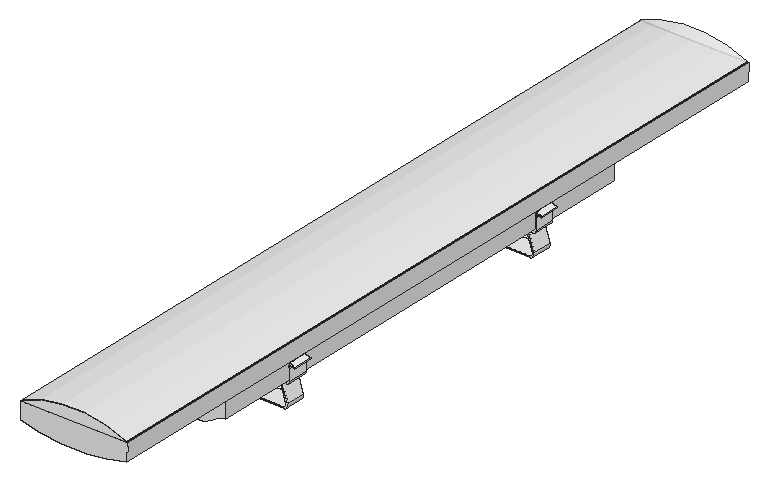
Revit family "Lighting-Industriale-GEWISS-SMART[3]PLUS-PLAFONIERA-LED_OPALE_800mm", category Apparecchi per illuminazione, host Superficie, Revit 2019
Family settings
  Host = Superficie
  Quota connettore circolare = Usa diametro
  Tipo di parte = Normale
  Taglio con vuoti quando caricato = No
  Sorgente d'illuminazione = Sì
  Condiviso = No
  Punto di calcolo locali = No
Parameters (values of type "GWS3123AP957 - SMART3 PLUS 800 T.W.DALI HE OPAL 9 57")
  visibilita etichetta [instance] = yes
  Wattage = 27 W
  Versione file RFA = "20.0"
  Variazione temperatura colore lampada con luminosità attenuata = (empty or 0)
  URL = "https://www.gewiss.com/it/it"
  Tipologia sorgente luminosa = "LED - Non sostituibile"
  Tipologia = "DALI"
  Tipo alimentatore = ""
  Tensione = "220-240 V "
  Temperatura di utilizzo = "-25 +50 °C"
  Temperatura di funzionamento = "-25 +50 °C"
  Temperatura di colore: = "5700 K (CRI > 90)"
  Temperatura di colore = "5700 K (CRI > 90)"
  built-in parameter 1150107 = 5700 (stored number, unit not read)
  Struttura = GEWISS - SMART 3 - GRIGIO
  Stampa 1_200 = no
  Stampa 1_100 = not(Stampa 1_200)  # yes
  Schermo. = Gewiss - Led Acceso
  Schermo = "Opale"
  Scheda Tecnica = "https://www.gewiss.com/it/it/search?q=GWS3123AP957"
  SEO = "Plafoniera"
  Resistenza agli urti = "IK08"
  Default Elevation = 1219.2 mm
  Produttore = "GEWISS S.p.A."
  Potenza di sistema = "26 W"
  Peso (kg): = ""
  built-in parameter 1150110 = 1 (stored number, unit not read)
  built-in parameter 1150109 = 1 (stored number, unit not read)
  built-in parameter 1114218 = 1 (stored number, unit not read)
  built-in parameter 1150112 = 1 (stored number, unit not read)
  NÂ° LED (#) = ""
  Modello = "GWS3123AP957"
  built-in parameter 1150137 = (empty or 0)
  built-in parameter 1150132 = (empty or 0)
  Lunghezza Lampada = 800 mm  # constant formula
  Lunghezza = "800 mm"
  Lumen output (lm) = "2700"
  Lampada: = "LED"
  Lampada = "LED"
  LED LifeTime (L80B20) = ""
  LED Life time (L90B50) = ""
  LED Life time (L80B50) = ""
  LED Life time (L70) = ""
  built-in parameter 1150105 = 1406.7 (stored number, unit not read)
  built-in parameter 1150102 = (empty or 0)
  Type Image = GWS3118P.jpg
  built-in parameter 1150106 = 14.067 (stored number, unit not read)
  IFC.TypeObject = ""
  IFC.ExportType = ""
  IFC.ExportAs = ""
  IDT = "19b5daac-664e-44b9-8ac3-cb33faf625fb"
  IDF = "8047064a-7320-478f-ab33-f9612cf1fa24"
  Grado di protezione = "IP66/IP69"
  Glow Wire Test = "850°C"
  Garanzia = "5 anni"
  Ganci = GEWISS  - ALLUMINIO
  Flusso nominale (lm) = ""
  Lumens = 4010.63 lm
  Color Filter = 16777215
  File diagramma fotometrico = "GWS3123AP957.IES"
  built-in parameter 1114217 = 1 (stored number, unit not read)
  built-in parameter 1150139 = (empty or 0)
  Failure rate apparecchio (50.000h, Tq=25Â° C) = ""
  Failure rate apparecchio (35.000h, Tq=35Â° C) = ""
  Emetti da lunghezza linea = 700 mm
  built-in parameter 1150104 = 13.8 (stored number, unit not read)
  Spostamento_Y_effettivo_etichetta [instance] = 1500 mm - Spostamento_Y_etichetta  # 1500 mm
  Spostamento_X_effettivo_etichetta [instance] = 1500 mm - Spostamento_X_etichetta  # 1500 mm
  Spostamento_Y_etichetta [instance] = 0 mm
  Spostamento_X_etichetta [instance] = 0 mm
  built-in parameter 1150115 = 1 (stored number, unit not read)
  built-in parameter 1150114 = 1 (stored number, unit not read)
  built-in parameter 1150113 = 1 (stored number, unit not read)
  Descrizione = "SMART3 PLUS 800 T.W.DALI HE OPAL 9 57"
  Creato da GEWISS S.p.A. = ""
  Commenti sul wattaggio = "27W"
  built-in parameter 1150134 = (empty or 0)
  built-in parameter 1150138 = (empty or 0)
  Codice Electrocod = "2434"
  Codice EAN = ""
  Classe isolamento = "II"
  Classe di efficienza LED integrati = "A ÷ A++"
  Catalogo Serie = "SMART[3] PLUS"
  Catalogo = "LIGHTING"
  Carico apparente = 27 VA
  COBie.Tagnumber = ""
  COBie.CreatedOn = ""
  COBie.CreatebBy = ""
  COBie.ComponentRegisterItemID = ""
  COBie.Component.TagNumber = ""
  COBie.Component.Space = ""
  COBie.Component.SerialNumber = ""
  COBie.Component.InstallationDate = ""
  COBie.Component.Description = ""
  COBie.Component.BarCode = ""
  Applicazione = "Interno"
  Apparecchio a ridotta temperatura superficiale = ""
  Tilt Angle = -90.00°
  built-in parameter 1150133 = 10 (stored number, unit not read)
Types (24, lengths in mm): name | Wattage | Tipologia | Temperatura di colore: | Temperatura di colore | built-in parameter 1150107 | Scheda Tecnica | Potenza di sistema | Modello | built-in parameter 1150132 | Lumen output (lm) | built-in parameter 1150105 | built-in parameter 1150106 | IDT | Lumens | File diagramma fotometrico | Descrizione | Commenti sul wattaggio | built-in parameter 1150134 | Carico apparente
  GWS3120AP830 - SMART3 PLUS 800 ON/OFF HE OPAL 8 30 | 10.3674 W | "" | "3000 K (CRI > 80)" | "3000 K (CRI > 80)" | 4000 (stored number, unit not read) | "https://www.gewiss.com/it/it/search?q=GWS3120AP830" | "25 W" | "GWS3120AP830" | 2 | "3200" | 526.2 (stored number, unit not read) | 5.262 (stored number, unit not read) | "41df13f7-a35f-46af-b6b9-4fe07d2042e2" | 1540 lm | "GWS3120AP830.IES" | "SMART3 PLUS 800 ON/OFF HE OPAL 8 30" | "15W" | 12 | 15 VA
  GWS3120AP840 - SMART3 PLUS 800 ON/OFF HE OPAL 8 40 | 27.8321 W | "" | "4000 K (CRI > 80)" | "4000 K (CRI > 80)" | 3000 (stored number, unit not read) | "https://www.gewiss.com/it/it/search?q=GWS3120AP840" | "25 W" | "GWS3120AP840" | 1 | "3400" | 1450 (stored number, unit not read) | 14.5 (stored number, unit not read) | "68b6bbe2-e4d4-4f10-b2ef-12d389c55e50" | 4134.23 lm | "GWS3120AP840.IES" | "SMART3 PLUS 800 ON/OFF HE OPAL 8 40" | "15W" | (empty or 0) | 15 VA
  GWS3120AP857 - SMART3 PLUS 800 ON/OFF HE OPAL 8 57 | 10.3674 W | "" | "5700 K (CRI > 80)" | "5700 K (CRI > 80)" | 5700 (stored number, unit not read) | "https://www.gewiss.com/it/it/search?q=GWS3120AP857" | "25 W" | "GWS3120AP857" | 2 | "3400" | 122.55 (stored number, unit not read) | 1.2255 (stored number, unit not read) | "bf7d45e4-363e-44eb-b67e-94a0d55a0067" | 1540 lm | "GWS3120AP857.IES" | "SMART3 PLUS 800 ON/OFF HE OPAL 8 57" | "15W" | (empty or 0) | 15 VA
  GWS3121AP830 - SMART3 PLUS 800 DALI HE OPAL 8 30 | 20.129 W | "DALI" | "3000 K (CRI > 80)" | "3000 K (CRI > 80)" | 4000 (stored number, unit not read) | "https://www.gewiss.com/it/it/search?q=GWS3121AP830" | "26 W" | "GWS3121AP830" | 2 | "3200" | 1021.7 (stored number, unit not read) | 10.217 (stored number, unit not read) | "6c051478-0f64-4fef-9e80-ecff5013ee92" | 2990 lm | "GWS3121AP830.IES" | "SMART3 PLUS 800 DALI HE OPAL 8 30" | "26W" | 12 | 26 VA
  GWS3121AP940 - SMART3 PLUS 800 DALI HE OPAL 9 40 | 27 W | "DALI" | "4000 K (CRI > 90)" | "4000 K (CRI > 90)" | 3000 (stored number, unit not read) | "https://www.gewiss.com/it/it/search?q=GWS3121AP940" | "26 W" | "GWS3121AP940" | (empty or 0) | "2700" | 1406.7 (stored number, unit not read) | 14.067 (stored number, unit not read) | "db62efbe-40d5-4e2d-8878-6147976bb04c" | 4010.63 lm | "GWS3121AP940.IES" | "SMART3 PLUS 800 DALI HE OPAL 9 40" | "26W" | (empty or 0) | 26 VA
  GWS3121AP840 - SMART3 PLUS 800 DALI HE OPAL 8 40 | 27 W | "DALI" | "4000 K (CRI > 80)" | "4000 K (CRI > 80)" | 5700 (stored number, unit not read) | "https://www.gewiss.com/it/it/search?q=GWS3121AP840" | "26 W" | "GWS3121AP840" | 2 | "3400" | 319.16 (stored number, unit not read) | 3.1916 (stored number, unit not read) | "5f3d637b-d916-4b36-93c7-55954645e9e3" | 4010.63 lm | "GWS3121AP840.IES" | "SMART3 PLUS 800 DALI HE OPAL 8 40" | "26W" | (empty or 0) | 26 VA
  GWS3120AP930 - SMART3 PLUS 800 ON/OFF HE OPAL 9 30 | 57.3913 W | "" | "3000 K (CRI > 90)" | "3000 K (CRI > 90)" | 4000 (stored number, unit not read) | "https://www.gewiss.com/it/it/search?q=GWS3120AP930" | "25 W" | "GWS3120AP930" | 1 | "2500" | 2990 (stored number, unit not read) | 29.9 (stored number, unit not read) | "d5e969d5-ecfc-4b7d-b66d-e9a89e20f0d3" | 8525.02 lm | "GWS3120AP930.IES" | "SMART3 PLUS 800 ON/OFF HE OPAL 9 30" | "18W" | 12 | 18 VA
  GWS3120AP940 - SMART3 PLUS 800 ON/OFF HE OPAL 9 40 | 9.76155 W | "" | "4000 K (CRI > 90)" | "4000 K (CRI > 90)" | 3000 (stored number, unit not read) | "https://www.gewiss.com/it/it/search?q=GWS3120AP940" | "25 W" | "GWS3120AP940" | 2 | "2700" | 508.56 (stored number, unit not read) | 5.0856 (stored number, unit not read) | "87753b80-d22e-4233-a506-c84448c428cd" | 1450 lm | "GWS3120AP940.IES" | "SMART3 PLUS 800 ON/OFF HE OPAL 9 40" | "18W" | (empty or 0) | 18 VA
  GWS3120AP957 - SMART3 PLUS 800 ON/OFF HE OPAL 9 57 | 10.3674 W | "" | "5700 K (CRI > 90)" | "5700 K (CRI > 90)" | 5700 (stored number, unit not read) | "https://www.gewiss.com/it/it/search?q=GWS3120AP957" | "25 W" | "GWS3120AP957" | 2 | "2700" | 540.13 (stored number, unit not read) | 5.4013 (stored number, unit not read) | "b307ad47-c02e-497a-9f20-d355821715eb" | 1540 lm | "GWS3120AP957.IES" | "SMART3 PLUS 800 ON/OFF HE OPAL 9 57" | "18W" | (empty or 0) | 18 VA
  GWS3121AP857 - SMART3 PLUS 800 DALI HE OPAL 8 57 | 27.0067 W | "DALI" | "5700 K (CRI > 80)" | "5700 K (CRI > 80)" | 2990 (stored number, unit not read) | "https://www.gewiss.com/it/it/search?q=GWS3121AP857" | "26 W" | "GWS3121AP857" | 2 | "3400" | 1407 (stored number, unit not read) | 14.07 (stored number, unit not read) | "61efcb1f-1166-44ca-b879-d6ffeb69e147" | 4011.63 lm | "GWS3121AP857.IES" | "SMART3 PLUS 800 DALI HE OPAL 8 57" | "27W" | (empty or 0) | 27 VA
  GWS3121AP930 - SMART3 PLUS 800 DALI HE OPAL 9 30 | 27 W | "DALI" | "3000 K (CRI > 90)" | "3000 K (CRI > 90)" | 3000 (stored number, unit not read) | "https://www.gewiss.com/it/it/search?q=GWS3121AP930" | "26 W" | "GWS3121AP930" | 2 | "2500" | 1406.7 (stored number, unit not read) | 14.067 (stored number, unit not read) | "901fcc65-4c08-46ac-b4ad-b72ba1a957e4" | 4010.63 lm | "GWS3121AP930.IES" | "SMART3 PLUS 800 DALI HE OPAL 9 30" | "27W" | (empty or 0) | 27 VA
  GWS3121AP957 - SMART3 PLUS 800 DALI HE OPAL 9 57 | 27 W | "DALI" | "5700 K (CRI > 90)" | "5700 K (CRI > 90)" | 5700 (stored number, unit not read) | "https://www.gewiss.com/it/it/search?q=GWS3121AP957" | "26 W" | "GWS3121AP957" | (empty or 0) | "2700" | 1406.7 (stored number, unit not read) | 14.067 (stored number, unit not read) | "993f22a8-5b78-43a1-b9c3-3b4cf2e8bca6" | 4010.63 lm | "GWS3121AP957.IES" | "SMART3 PLUS 800 DALI HE OPAL 9 57" | "27W" | (empty or 0) | 27 VA
  GWS3122AP830 - SMART3 PLUS 800 T.W.ON/OFF HE OPAL 8 30 | 27 W | "" | "3000 K (CRI > 80)" | "3000 K (CRI > 80)" | 5700 (stored number, unit not read) | "https://www.gewiss.com/it/it/search?q=GWS3122AP830" | "25 W" | "GWS3122AP830" | (empty or 0) | "3200" | 1406.7 (stored number, unit not read) | 14.067 (stored number, unit not read) | "c40fde0e-cbda-4889-84e4-054f07af26c0" | 4010.63 lm | "GWS3122AP830.IES" | "SMART3 PLUS 800 T.W.ON/OFF HE OPAL 8 30" | "27W" | (empty or 0) | 27 VA
  GWS3122AP840 - SMART3 PLUS 800 T.W.ON/OFF HE OPAL 8 40 | 27 W | "" | "4000 K (CRI > 80)" | "4000 K (CRI > 80)" | 5700 (stored number, unit not read) | "https://www.gewiss.com/it/it/search?q=GWS3122AP840" | "25 W" | "GWS3122AP840" | (empty or 0) | "3400" | 1406.7 (stored number, unit not read) | 14.067 (stored number, unit not read) | "30f29192-a0b4-47de-9bed-34404bbf8a01" | 4010.63 lm | "GWS3122AP840.IES" | "SMART3 PLUS 800 T.W.ON/OFF HE OPAL 8 40" | "27W" | (empty or 0) | 27 VA
  GWS3122AP857 - SMART3 PLUS 800 T.W.ON/OFF HE OPAL 8 57 | 27 W | "" | "5700 K (CRI > 80)" | "5700 K (CRI > 80)" | 5700 (stored number, unit not read) | "https://www.gewiss.com/it/it/search?q=GWS3122AP857" | "25 W" | "GWS3122AP857" | (empty or 0) | "3400" | 1406.7 (stored number, unit not read) | 14.067 (stored number, unit not read) | "afe5e3ad-7fe4-4055-aaad-9277677c6417" | 4010.63 lm | "GWS3122AP857.IES" | "SMART3 PLUS 800 T.W.ON/OFF HE OPAL 8 57" | "27W" | (empty or 0) | 27 VA
  GWS3122AP930 - SMART3 PLUS 800 T.W.ON/OFF HE OPAL 9 30 | 27 W | "" | "3000 K (CRI > 90)" | "3000 K (CRI > 90)" | 5700 (stored number, unit not read) | "https://www.gewiss.com/it/it/search?q=GWS3122AP930" | "25 W" | "GWS3122AP930" | (empty or 0) | "2500" | 1406.7 (stored number, unit not read) | 14.067 (stored number, unit not read) | "dd1aea22-f426-434b-a12c-a83233e72915" | 4010.63 lm | "GWS3122AP930.IES" | "SMART3 PLUS 800 T.W.ON/OFF HE OPAL 9 30" | "27W" | (empty or 0) | 27 VA
  GWS3122AP940 - SMART3 PLUS 800 T.W.ON/OFF HE OPAL 9 40 | 27 W | "" | "4000 K (CRI > 90)" | "4000 K (CRI > 90)" | 5700 (stored number, unit not read) | "https://www.gewiss.com/it/it/search?q=GWS3122AP940" | "25 W" | "GWS3122AP940" | (empty or 0) | "2700" | 1406.7 (stored number, unit not read) | 14.067 (stored number, unit not read) | "d9c366e7-499f-415b-9192-804a44f70bf1" | 4010.63 lm | "GWS3122AP940.IES" | "SMART3 PLUS 800 T.W.ON/OFF HE OPAL 9 40" | "27W" | (empty or 0) | 27 VA
  GWS3122AP957 - SMART3 PLUS 800 T.W.ON/OFF HE OPAL 9 57 | 27 W | "" | "5700 K (CRI > 90)" | "5700 K (CRI > 90)" | 5700 (stored number, unit not read) | "https://www.gewiss.com/it/it/search?q=GWS3122AP957" | "25 W" | "GWS3122AP957" | (empty or 0) | "2700" | 1406.7 (stored number, unit not read) | 14.067 (stored number, unit not read) | "a55ce364-830c-4dd1-b528-d51079bef1e1" | 4010.63 lm | "GWS3122AP957.IES" | "SMART3 PLUS 800 T.W.ON/OFF HE OPAL 9 57" | "27W" | (empty or 0) | 27 VA
  GWS3123AP830 - SMART3 PLUS 800 T.W.DALI HE OPAL 8 30 | 27 W | "DALI" | "3000 K (CRI > 80)" | "3000 K (CRI > 80)" | 5700 (stored number, unit not read) | "https://www.gewiss.com/it/it/search?q=GWS3123AP830" | "26 W" | "GWS3123AP830" | (empty or 0) | "3200" | 1406.7 (stored number, unit not read) | 14.067 (stored number, unit not read) | "74e05751-bccc-4f84-99a1-ba0ac6ee2ecd" | 4010.63 lm | "GWS3123AP830.IES" | "SMART3 PLUS 800 T.W.DALI HE OPAL 8 30" | "27W" | (empty or 0) | 27 VA
  GWS3123AP840 - SMART3 PLUS 800 T.W.DALI HE OPAL 8 40 | 27 W | "DALI" | "4000 K (CRI > 80)" | "4000 K (CRI > 80)" | 5700 (stored number, unit not read) | "https://www.gewiss.com/it/it/search?q=GWS3123AP840" | "26 W" | "GWS3123AP840" | (empty or 0) | "3400" | 1406.7 (stored number, unit not read) | 14.067 (stored number, unit not read) | "42fe6361-5d30-4e57-a4e4-3b6eb1f38e01" | 4010.63 lm | "GWS3123AP840.IES" | "SMART3 PLUS 800 T.W.DALI HE OPAL 8 40" | "27W" | (empty or 0) | 27 VA
  GWS3123AP857 - SMART3 PLUS 800 T.W.DALI HE OPAL 8 57 | 27 W | "DALI" | "5700 K (CRI > 80)" | "5700 K (CRI > 80)" | 5700 (stored number, unit not read) | "https://www.gewiss.com/it/it/search?q=GWS3123AP857" | "26 W" | "GWS3123AP857" | (empty or 0) | "3400" | 1406.7 (stored number, unit not read) | 14.067 (stored number, unit not read) | "d6c2e38e-d755-456b-8f21-377f18e15fca" | 4010.63 lm | "GWS3123AP857.IES" | "SMART3 PLUS 800 T.W.DALI HE OPAL 8 57" | "27W" | (empty or 0) | 27 VA
  GWS3123AP930 - SMART3 PLUS 800 T.W.DALI HE OPAL 9 30 | 27 W | "DALI" | "3000 K (CRI > 90)" | "3000 K (CRI > 90)" | 5700 (stored number, unit not read) | "https://www.gewiss.com/it/it/search?q=GWS3123AP930" | "26 W" | "GWS3123AP930" | (empty or 0) | "2500" | 1406.7 (stored number, unit not read) | 14.067 (stored number, unit not read) | "11e74343-124c-42cd-a2f5-87544f5df28c" | 4010.63 lm | "GWS3123AP930.IES" | "SMART3 PLUS 800 T.W.DALI HE OPAL 9 30" | "27W" | (empty or 0) | 27 VA
  GWS3123AP940 - SMART3 PLUS 800 T.W.DALI HE OPAL 9 40 | 27 W | "DALI" | "4000 K (CRI > 90)" | "4000 K (CRI > 90)" | 5700 (stored number, unit not read) | "https://www.gewiss.com/it/it/search?q=GWS3123AP940" | "26 W" | "GWS3123AP940" | (empty or 0) | "2700" | 1406.7 (stored number, unit not read) | 14.067 (stored number, unit not read) | "cae3e2e2-b64b-4953-8509-fac4d79f319a" | 4010.63 lm | "GWS3123AP940.IES" | "SMART3 PLUS 800 T.W.DALI HE OPAL 9 40" | "27W" | (empty or 0) | 27 VA
  GWS3123AP957 - SMART3 PLUS 800 T.W.DALI HE OPAL 9 57 | 27 W | "DALI" | "5700 K (CRI > 90)" | "5700 K (CRI > 90)" | 5700 (stored number, unit not read) | "https://www.gewiss.com/it/it/search?q=GWS3123AP957" | "26 W" | "GWS3123AP957" | (empty or 0) | "2700" | 1406.7 (stored number, unit not read) | 14.067 (stored number, unit not read) | "19b5daac-664e-44b9-8ac3-cb33faf625fb" | 4010.63 lm | "GWS3123AP957.IES" | "SMART3 PLUS 800 T.W.DALI HE OPAL 9 57" | "27W" | (empty or 0) | 27 VA
Reference planes
  plane 1 "Centro (Fronte/Retro)": y = 0
  plane 2: z = 0
  plane 3 "Centro (Sinistra/Destra)": x = 0
  plane 4: x = -1500
  plane 5: y = -1500
  plane 6: y = 0
  plane 7: x = 0
Forms (mm)
  Extrusion 1, solid, material "GEWISS  - ALLUMINIO" <- "Ganci", detail levels medium+fine
    sketch origin (0, 0, 0) x (1, 0, 0) y (0, 0, 1)
      loop
        arc (31.431, -0.002) -> (34.576, 1.589) -> (35.156, 5.066) r 3.903
        line (35.156, 5.066) -> (29.612, 23.211)
        arc (29.612, 23.211) -> (29.883, 24.381) -> (31.032, 24.73) r 1.2
        line (31.032, 24.73) -> (34.307, 23.974)
        arc (34.307, 23.974) -> (36.765, 24.53) -> (37.859, 26.8) r 2.9
        line (37.859, 26.8) -> (37.859, 38.8)
        arc (37.859, 38.8) -> (37.648, 39.694) -> (37.059, 40.4) r 2
        line (37.059, 40.4) -> (37.059, 42.71) -> (42.889, 40.588) -> (43.231, 41.528) -> (37.53, 43.603)
        arc (37.53, 43.603) -> (37.019, 43.613) -> (36.605, 43.311) r 0.8
        line (36.605, 43.311) -> (36.306, 26.139)
        arc (36.306, 26.139) -> (35.6, 25.444) -> (34.616, 25.34) r 1.5
        line (34.616, 25.34) -> (31.344, 26.095)
        arc (31.344, 26.095) -> (28.858, 25.335) -> (28.273, 22.802) r 2.6
        line (28.273, 22.802) -> (33.827, 4.636)
        arc (33.827, 4.636) -> (33.449, 2.415) -> (31.438, 1.4) r 2.5
        line (31.438, 1.4) -> (-31.437, 1.4)
        arc (-31.437, 1.4) -> (-33.449, 2.415) -> (-33.827, 4.636) r 2.5
        line (-33.827, 4.636) -> (-28.273, 22.802)
        arc (-28.273, 22.802) -> (-28.858, 25.335) -> (-31.344, 26.095) r 2.6
        line (-31.344, 26.095) -> (-34.616, 25.34)
        arc (-34.616, 25.34) -> (-35.6, 25.444) -> (-36.306, 26.139) r 1.5
        line (-36.306, 26.139) -> (-36.605, 43.311)
        arc (-36.605, 43.311) -> (-37.019, 43.613) -> (-37.53, 43.603) r 0.8
        line (-37.53, 43.603) -> (-43.203, 41.538) -> (-42.861, 40.598) -> (-37.059, 42.71) -> (-37.059, 40.4)
        arc (-37.059, 40.4) -> (-37.648, 39.694) -> (-37.859, 38.8) r 2
        line (-37.859, 38.8) -> (-37.859, 26.8)
        arc (-37.859, 26.8) -> (-36.765, 24.53) -> (-34.307, 23.974) r 2.9
        line (-34.307, 23.974) -> (-31.032, 24.73)
        arc (-31.032, 24.73) -> (-29.883, 24.381) -> (-29.612, 23.211) r 1.2
        line (-29.612, 23.211) -> (-35.156, 5.066)
        arc (-35.156, 5.066) -> (-34.576, 1.589) -> (-31.431, -0.002) r 3.903
        line (-31.431, -0.002) -> (31.431, -0.002)
    from 148.766 to 168.766
  Extrusion 2, solid, material "GEWISS  - ALLUMINIO" <- "Ganci", detail levels medium+fine
    sketch origin (0, 0, 0) x (1, 0, 0) y (0, 0, -1)
      loop
        line (31.431, 0.002) -> (-31.431, 0.002)
        arc (-31.431, 0.002) -> (-34.576, -1.589) -> (-35.156, -5.066) r 3.903
        line (-35.156, -5.066) -> (-29.612, -23.211)
        arc (-29.612, -23.211) -> (-29.883, -24.381) -> (-31.032, -24.73) r 1.2
        line (-31.032, -24.73) -> (-34.307, -23.974)
        arc (-34.307, -23.974) -> (-36.765, -24.53) -> (-37.859, -26.8) r 2.9
        line (-37.859, -26.8) -> (-37.859, -38.8)
        arc (-37.859, -38.8) -> (-37.648, -39.694) -> (-37.059, -40.4) r 2
        line (-37.059, -40.4) -> (-37.059, -42.71) -> (-42.861, -40.598) -> (-43.203, -41.538) -> (-37.53, -43.603)
        arc (-37.53, -43.603) -> (-37.019, -43.613) -> (-36.605, -43.311) r 0.8
        line (-36.605, -43.311) -> (-36.306, -26.139)
        arc (-36.306, -26.139) -> (-35.6, -25.444) -> (-34.616, -25.34) r 1.5
        line (-34.616, -25.34) -> (-31.344, -26.095)
        arc (-31.344, -26.095) -> (-28.858, -25.335) -> (-28.273, -22.802) r 2.6
        line (-28.273, -22.802) -> (-33.827, -4.636)
        arc (-33.827, -4.636) -> (-33.449, -2.415) -> (-31.437, -1.4) r 2.5
        line (-31.437, -1.4) -> (31.438, -1.4)
        arc (31.438, -1.4) -> (33.449, -2.415) -> (33.827, -4.636) r 2.5
        line (33.827, -4.636) -> (28.273, -22.802)
        arc (28.273, -22.802) -> (28.858, -25.335) -> (31.344, -26.095) r 2.6
        line (31.344, -26.095) -> (34.616, -25.34)
        arc (34.616, -25.34) -> (35.6, -25.444) -> (36.306, -26.139) r 1.5
        line (36.306, -26.139) -> (36.605, -43.311)
        arc (36.605, -43.311) -> (37.019, -43.613) -> (37.53, -43.603) r 0.8
        line (37.53, -43.603) -> (43.203, -41.538) -> (42.861, -40.598) -> (37.059, -42.71) -> (37.059, -40.4)
        arc (37.059, -40.4) -> (37.648, -39.694) -> (37.859, -38.8) r 2
        line (37.859, -38.8) -> (37.859, -26.8)
        arc (37.859, -26.8) -> (36.765, -24.53) -> (34.307, -23.974) r 2.9
        line (34.307, -23.974) -> (31.032, -24.73)
        arc (31.032, -24.73) -> (29.883, -24.381) -> (29.612, -23.211) r 1.2
        line (29.612, -23.211) -> (35.156, -5.066)
        arc (35.156, -5.066) -> (34.576, -1.589) -> (31.431, 0.002) r 3.903
    from 148.766 to 168.766
  Extrusion 3, solid, material "GEWISS - SMART 3 - GRIGIO" <- "Struttura", detail levels medium+fine
    sketch origin (0, 0, 0) x (1, 0, 0) y (0, 0, 1)
      loop
        line (-36.331, 55.757) -> (-35.847, 28.018)
        arc (-35.847, 28.018) -> (-33.139, 27.27) -> (-30.416, 26.58) r 129.5
        arc (-30.416, 26.58) -> (-28.066, 25.76) -> (-25.915, 24.506) r 13
        arc (-25.915, 24.506) -> (-24.23, 23.324) -> (-22.521, 22.178) r 99.5
        arc (-22.521, 22.178) -> (-16.401, 19.063) -> (-9.748, 17.365) r 31.146
        line (-9.748, 17.365) -> (12.491, 17.365)
        arc (12.491, 17.365) -> (17.822, 19.098) -> (22.764, 21.745) r 31.646
        arc (22.764, 21.745) -> (24.509, 22.915) -> (26.228, 24.122) r 100
        arc (26.228, 24.122) -> (28.283, 25.313) -> (30.525, 26.095) r 12.5
        arc (30.525, 26.095) -> (33.437, 26.834) -> (36.332, 27.64) r 130
        line (36.332, 27.64) -> (36.824, 55.851)
        arc (36.824, 55.851) -> (24.914, 53.937) -> (12.909, 52.764) r 195.047
        line (12.909, 52.764) -> (-12.909, 52.764)
        arc (-12.909, 52.764) -> (-24.665, 53.905) -> (-36.331, 55.757) r 195.047
    from -250 to 250
  Extrusion 4, solid, material "GEWISS - SMART 3 - GRIGIO" <- "Struttura", detail levels medium+fine
    sketch origin (0, 0, 0) x (1, 0, 0) y (0, 0, 1)
      loop
        line (54.725, 60.184) -> (55.177, 77.445) -> (-55.177, 77.445) -> (-54.725, 60.184)
        arc (-54.725, 60.184) -> (-34.019, 55.332) -> (-12.909, 52.764) r 195.047
        line (-12.909, 52.764) -> (12.909, 52.764)
        arc (12.909, 52.764) -> (34.019, 55.332) -> (54.725, 60.184) r 195.047
    from -400 to 400
  Extrusion 5, solid, material "Gewiss - Led Acceso" <- "Schermo.", detail levels medium+fine
    sketch origin (0, 0, 0) x (1, 0, 0) y (0, 0, 1)
      loop
        arc (54.697, 78.441) -> (-0.014, 90.457) -> (-54.723, 78.429) r 130.5
        arc (-54.723, 78.429) -> (-54.988, 77.838) -> (-54.5, 77.445) r 0.5
        line (-54.5, 77.445) -> (54.479, 77.445)
        arc (54.479, 77.445) -> (54.988, 77.855) -> (54.697, 78.441) r 0.522
    from -400 to 400
  Extrusion 6, solid, material "GEWISS - SMART 3 - GRIGIO" <- "Struttura", detail levels coarse
    sketch origin (0, 0, 0) x (1, 0, 0) y (0, 0, 1)
      loop
        line (-54.5, 90.439) -> (-54.5, 0) -> (54.5, 0) -> (54.5, 90.439) -> (-54.5, 90.439)
    from -400 to 400
Lines and regions (mm)
  Masking region 1
    outline origin (0, 0, 0) x (1, 0, 0) y (0, 1, 0)
      loop
        line (-55.177, 400) -> (-55.177, -400) -> (55.177, -400) -> (55.177, 400) -> (-55.177, 400)
  model lines, style "GEWISS - LIGHT 2D", not visible
    curve 1: arc (658.224, 441.447, 0) -> (657.902, 441.529, 0) -> (657.571, 441.558, 0) r 1.999
    curve 2: arc (659.744, 439.503, 0) -> (659.172, 440.906, 0) -> (657.781, 441.505, 0) r 1.998
    curve 3: arc (549.391, -356.494, 0) -> (549.963, -357.897, 0) -> (551.356, -358.495, 0) r 1.998
    curve 4: arc (657.744, -358.495, 0) -> (659.181, -357.627, 0) -> (659.745, -356.046, 0) r 2.5
    curve 5: arc (551.891, 441.558, 0) -> (550.123, 440.825, 0) -> (549.391, 439.058, 0) r 2.5
    curve 6: line (657.571, 441.558, 0) -> (604.567, 441.558, 0)
    curve 7: line (604.567, 441.558, 0) -> (551.891, 441.558, 0)
    curve 8: line (551.356, -358.495, 0) -> (604.568, -358.495, 0)
    curve 9: line (604.568, -358.495, 0) -> (657.744, -358.495, 0)
    curve 10: line (659.745, -356.046, 0) -> (659.745, 439.503, 0)
    curve 11: line (657.781, 441.505, 0) -> (604.567, 441.505, 0)
    curve 12: line (549.391, -356.494, 0) -> (549.391, 439.058, 0)
    curve 13: line (604.569, 276.529, 0) -> (604.569, -193.52, 0)
  symbolic lines
    curve 14: line (0, 348.766, 0) -> (0, -351.234, 0)
Dimensions and locks
  plane 4 to plane 3 "Centro (Sinistra/Destra)" = 1500 mm
  plane 5 to plane 1 "Centro (Fronte/Retro)" = 1500 mm
  "Spostamento_Y_effettivo_etichetta": plane 6 to plane 5
  "Spostamento_X_effettivo_etichetta": plane 4 to plane 7
  aligned and locked: plane 2 to host face
  aligned and locked: level to host face
  aligned and locked: Masking region 1 sketch curve to Extrusion 4  (x4)
  aligned and locked: nested 1 to plane 6
  aligned and locked: nested 1 to plane 7
  aligned and locked: curve 14 to plane 7
Automatic sketch dimensions
  host sketch curve to host sketch curve = 2438.4 mm  (x2)
  Extrusion 1 sketch curve to Extrusion 1 sketch curve = 0 mm  (x28)
  Extrusion 1 sketch curve to plane 3 "Centro (Sinistra/Destra)" = 43.203 mm
  level to Extrusion 1 sketch curve = 40.598 mm
  Extrusion 1 sketch curve to Extrusion 1 sketch curve = 0.342 mm  (x2)
  Extrusion 1 sketch curve to Extrusion 1 sketch curve = 5.002 mm
  Extrusion 1 sketch curve to Extrusion 1 sketch curve = 0.329 mm
  Extrusion 1 sketch curve to Extrusion 1 sketch curve = 0.271 mm  (x2)
  Extrusion 1 sketch curve to Extrusion 1 sketch curve = 0.8 mm  (x2)
  Extrusion 1 sketch curve to Extrusion 1 sketch curve = 0.454 mm  (x2)
  Extrusion 1 sketch curve to Extrusion 1 sketch curve = 1.554 mm
  Extrusion 1 sketch curve to Extrusion 1 sketch curve = 2 mm
  level to Extrusion 1 sketch curve = 5.066 mm  (x2)
  Extrusion 1 sketch curve to Extrusion 1 sketch curve = 1.15 mm
  Extrusion 1 sketch curve to Extrusion 1 sketch curve = 1.346 mm  (x2)
  Extrusion 1 sketch curve to Extrusion 1 sketch curve = 0.343 mm  (x2)
  level to Extrusion 1 sketch curve = 4.636 mm  (x2)
  Extrusion 1 sketch curve to Extrusion 1 sketch curve = 1.329 mm  (x2)
  level to Extrusion 1 sketch curve = 1.4 mm
  Extrusion 1 sketch curve to Extrusion 1 sketch curve = 2.389 mm  (x2)
  Extrusion 1 sketch curve to Extrusion 1 sketch curve = 0.007 mm  (x2)
  Extrusion 1 sketch curve to Extrusion 1 sketch curve = 3.584 mm  (x2)
  Extrusion 1 sketch curve to Extrusion 1 sketch curve = 0.273 mm  (x2)
  plane 3 "Centro (Sinistra/Destra)" to Extrusion 1 sketch curve = 30.759 mm
  Extrusion 1 sketch curve to level = 0.002 mm
  Extrusion 1 sketch curve to Extrusion 1 sketch curve = 0.672 mm
  Extrusion 1 sketch curve to Extrusion 1 sketch curve = 0.9 mm
  level to Extrusion 1 sketch curve = 26.139 mm
  Extrusion 1 sketch curve to Extrusion 1 sketch curve = 0.746 mm
  Extrusion 1 sketch curve to Extrusion 1 sketch curve = 0.2 mm
  Extrusion 1 sketch curve to Extrusion 1 sketch curve = 5.029 mm
  Extrusion 1 sketch curve to Extrusion 1 sketch curve = 2.577 mm
  Extrusion 1 sketch curve to Extrusion 1 sketch curve = 18.496 mm
  Extrusion 1 sketch curve to Extrusion 1 sketch curve = 1.169 mm  (x2)
  Extrusion 1 sketch curve to Extrusion 1 sketch curve = 0.609 mm
  Extrusion 1 sketch curve to Extrusion 1 sketch curve = 0.799 mm  (x2)
  Extrusion 1 sketch curve to Extrusion 1 sketch curve = 1.798 mm
  Extrusion 1 sketch curve to Extrusion 1 sketch curve = 12 mm
  Extrusion 1 sketch curve to Extrusion 1 sketch curve = 1.788 mm
  Extrusion 1 sketch curve to Extrusion 1 sketch curve = 0.94 mm  (x2)
  Extrusion 1 sketch curve to Extrusion 1 sketch curve = 0.14 mm  (x2)
  Extrusion 1 sketch curve to Extrusion 1 sketch curve = 0.309 mm  (x2)
  Extrusion 1 sketch curve to Extrusion 1 sketch curve = 0.312 mm  (x2)
  Extrusion 1 sketch curve to Extrusion 1 sketch curve = 1.148 mm  (x2)
  Extrusion 1 sketch curve to Extrusion 1 sketch curve = 1.339 mm
  Extrusion 1 sketch curve to Extrusion 1 sketch curve = 2.486 mm
  Extrusion 1 sketch curve to Extrusion 1 sketch curve = 0.409 mm  (x2)
  Extrusion 2 sketch curve to Extrusion 2 sketch curve = 0 mm  (x28)
  Extrusion 2 sketch curve to plane 3 "Centro (Sinistra/Destra)" = 43.203 mm
  level to Extrusion 2 sketch curve = 40.598 mm
  Extrusion 2 sketch curve to Extrusion 2 sketch curve = 0.342 mm  (x2)
  Extrusion 2 sketch curve to Extrusion 2 sketch curve = 5.002 mm  (x2)
  Extrusion 2 sketch curve to Extrusion 2 sketch curve = 0.329 mm
  Extrusion 2 sketch curve to Extrusion 2 sketch curve = 0.271 mm  (x2)
  Extrusion 2 sketch curve to Extrusion 2 sketch curve = 0.8 mm  (x2)
  Extrusion 2 sketch curve to Extrusion 2 sketch curve = 0.454 mm  (x2)
  Extrusion 2 sketch curve to Extrusion 2 sketch curve = 1.554 mm
  Extrusion 2 sketch curve to Extrusion 2 sketch curve = 2 mm
  level to Extrusion 2 sketch curve = 5.066 mm  (x2)
  Extrusion 2 sketch curve to Extrusion 2 sketch curve = 1.15 mm
  Extrusion 2 sketch curve to Extrusion 2 sketch curve = 1.346 mm  (x2)
  Extrusion 2 sketch curve to Extrusion 2 sketch curve = 0.343 mm  (x2)
  level to Extrusion 2 sketch curve = 4.636 mm  (x2)
  Extrusion 2 sketch curve to Extrusion 2 sketch curve = 1.329 mm  (x2)
  level to Extrusion 2 sketch curve = 1.4 mm
  Extrusion 2 sketch curve to Extrusion 2 sketch curve = 2.389 mm  (x2)
  Extrusion 2 sketch curve to Extrusion 2 sketch curve = 0.007 mm  (x2)
  Extrusion 2 sketch curve to Extrusion 2 sketch curve = 3.584 mm  (x2)
  Extrusion 2 sketch curve to Extrusion 2 sketch curve = 0.273 mm  (x2)
  plane 3 "Centro (Sinistra/Destra)" to Extrusion 2 sketch curve = 30.759 mm
  Extrusion 2 sketch curve to level = 0.002 mm
  Extrusion 2 sketch curve to Extrusion 2 sketch curve = 0.672 mm
  Extrusion 2 sketch curve to Extrusion 2 sketch curve = 0.9 mm
  level to Extrusion 2 sketch curve = 26.139 mm
  Extrusion 2 sketch curve to Extrusion 2 sketch curve = 0.746 mm
  Extrusion 2 sketch curve to Extrusion 2 sketch curve = 0.2 mm
  Extrusion 2 sketch curve to Extrusion 2 sketch curve = 14.46 mm
  Extrusion 2 sketch curve to Extrusion 2 sketch curve = 0.94 mm  (x2)
  Extrusion 2 sketch curve to Extrusion 2 sketch curve = 0.14 mm  (x2)
  Extrusion 2 sketch curve to Extrusion 2 sketch curve = 2.31 mm  (x2)
  Extrusion 2 sketch curve to Extrusion 2 sketch curve = 12 mm
  Extrusion 2 sketch curve to Extrusion 2 sketch curve = 0.661 mm  (x2)
  Extrusion 2 sketch curve to Extrusion 2 sketch curve = 0.609 mm  (x2)
  Extrusion 2 sketch curve to Extrusion 2 sketch curve = 1.169 mm  (x2)
  Extrusion 2 sketch curve to Extrusion 2 sketch curve = 0.309 mm  (x2)
  Extrusion 2 sketch curve to Extrusion 2 sketch curve = 0.312 mm  (x2)
  Extrusion 2 sketch curve to Extrusion 2 sketch curve = 1.148 mm  (x2)
  Extrusion 2 sketch curve to Extrusion 2 sketch curve = 1.339 mm
  Extrusion 2 sketch curve to Extrusion 2 sketch curve = 2.486 mm
  Extrusion 2 sketch curve to Extrusion 2 sketch curve = 1.365 mm  (x2)
  Extrusion 3 sketch curve to plane 3 "Centro (Sinistra/Destra)" = 36.331 mm
  Extrusion 3 sketch curve to Extrusion 3 sketch curve = 0.484 mm
  Extrusion 3 sketch curve to Extrusion 3 sketch curve = 2.34 mm
  Extrusion 3 sketch curve to plane 3 "Centro (Sinistra/Destra)" = 32.068 mm
  Extrusion 3 sketch curve to plane 3 "Centro (Sinistra/Destra)" = 12.909 mm
  Extrusion 3 sketch curve to plane 3 "Centro (Sinistra/Destra)" = 9.748 mm
  Extrusion 3 sketch curve to plane 3 "Centro (Sinistra/Destra)" = 5.421 mm
  Extrusion 3 sketch curve to plane 3 "Centro (Sinistra/Destra)" = 0.057 mm
  Extrusion 3 sketch curve to plane 3 "Centro (Sinistra/Destra)" = 0.007 mm
  Extrusion 3 sketch curve to plane 3 "Centro (Sinistra/Destra)" = 0.001 mm
  plane 3 "Centro (Sinistra/Destra)" to Extrusion 3 sketch curve = 0.057 mm
  plane 3 "Centro (Sinistra/Destra)" to Extrusion 3 sketch curve = 5.412 mm
  plane 3 "Centro (Sinistra/Destra)" to Extrusion 3 sketch curve = 12.491 mm
  Extrusion 3 sketch curve to Extrusion 3 sketch curve = 7.496 mm
  plane 3 "Centro (Sinistra/Destra)" to Extrusion 3 sketch curve = 32.059 mm
  Extrusion 3 sketch curve to Extrusion 3 sketch curve = 21.008 mm
  Extrusion 3 sketch curve to Extrusion 3 sketch curve = 2.833 mm
  Extrusion 3 sketch curve to Extrusion 3 sketch curve = 23.916 mm
  level to Extrusion 3 sketch curve = 13.953 mm  (x2)
  level to Extrusion 3 sketch curve = 17.365 mm  (x2)
  Extrusion 3 sketch curve to Extrusion 3 sketch curve = 13.687 mm
  Extrusion 3 sketch curve to Extrusion 3 sketch curve = 14.064 mm
  Extrusion 3 sketch curve to Extrusion 3 sketch curve = 30.844 mm
  Extrusion 3 sketch curve to Extrusion 3 sketch curve = 0 mm  (x3)
  Extrusion 3 sketch curve to Extrusion 3 sketch curve = 4.555 mm
  Extrusion 3 sketch curve to Extrusion 3 sketch curve = 2.993 mm
  Extrusion 3 sketch curve to Extrusion 3 sketch curve = 3.087 mm
  Extrusion 3 sketch curve to Extrusion 3 sketch curve = 49.52 mm
  Extrusion 3 sketch curve to Extrusion 3 sketch curve = 49.615 mm
  Extrusion 3 sketch curve to Extrusion 3 sketch curve = 47.089 mm
  Extrusion 3 sketch curve to Extrusion 3 sketch curve = 5.431 mm
  Extrusion 3 sketch curve to Extrusion 3 sketch curve = 4.5 mm
  Extrusion 3 sketch curve to Extrusion 3 sketch curve = 10.273 mm
  Extrusion 3 sketch curve to Extrusion 3 sketch curve = 3.465 mm
  Extrusion 3 sketch curve to Extrusion 3 sketch curve = 4.297 mm
  Extrusion 4 sketch curve to plane 3 "Centro (Sinistra/Destra)" = 55.177 mm
  Extrusion 4 sketch curve to Extrusion 4 sketch curve = 0.452 mm  (x2)
  Extrusion 4 sketch curve to plane 3 "Centro (Sinistra/Destra)" = 12.909 mm
  Extrusion 4 sketch curve to plane 3 "Centro (Sinistra/Destra)" = 0.057 mm
  plane 3 "Centro (Sinistra/Destra)" to Extrusion 4 sketch curve = 0.057 mm
  plane 3 "Centro (Sinistra/Destra)" to Extrusion 4 sketch curve = 12.909 mm
  Extrusion 4 sketch curve to Extrusion 4 sketch curve = 41.816 mm
  level to Extrusion 4 sketch curve = 52.764 mm
  Extrusion 4 sketch curve to Extrusion 4 sketch curve = 7.42 mm  (x2)
  Extrusion 4 sketch curve to Extrusion 4 sketch curve = 17.262 mm
  Extrusion 5 sketch curve to plane 3 "Centro (Sinistra/Destra)" = 0 mm
  Extrusion 5 sketch curve to plane 3 "Centro (Sinistra/Destra)" = 54.5 mm
  plane 3 "Centro (Sinistra/Destra)" to Extrusion 5 sketch curve = 54.479 mm
  Extrusion 5 sketch curve to level = 40.043 mm
  level to Extrusion 5 sketch curve = 77.445 mm
  Extrusion 5 sketch curve to Extrusion 5 sketch curve = 0.5 mm
  Extrusion 5 sketch curve to Extrusion 5 sketch curve = 0.522 mm
  Extrusion 5 sketch curve to Extrusion 5 sketch curve = 0.21 mm
  Extrusion 5 sketch curve to Extrusion 5 sketch curve = 0.014 mm
  Extrusion 5 sketch curve to Extrusion 5 sketch curve = 0 mm
  Extrusion 6 sketch curve to level = 0 mm
  Extrusion 6 sketch curve to plane 3 "Centro (Sinistra/Destra)" = 54.5 mm
  plane 3 "Centro (Sinistra/Destra)" to Extrusion 6 sketch curve = 54.5 mm
  Extrusion 6 sketch curve to Extrusion 6 sketch curve = 90.439 mm
  plane 1 "Centro (Fronte/Retro)" to curve 14 = 351.234 mm
  curve 14 to plane 1 "Centro (Fronte/Retro)" = 348.766 mm
Nested families
  nested 1: "ETICHETTA WATTAGGIO" at (0, 0, 0), visible <- "visibilita etichetta", type "ETICHETTA WATTAGGIO"
Connectors
  electrical at (0, 0, 0), driven by "Carico apparente"
    settings: on Masking region 1, index 1, voltage 230 V, apparent load 0 VA, apparent load phase1 27 VA, apparent load phase2 0 VA, apparent load phase3 0 VA, power factor 1, load classification "Illuminazione", number of poles 2, system type 31, power factor state 1, is connector primary yes, connector utility no, sub classification motor no, connector description ""
Definition of nested family "ETICHETTA WATTAGGIO"
  Parameters (values of type "ETICHETTA WATTAGGIO")
    GW - Potenza di sistema = ""
    GW - Numero LED = ""
    COMMENTI = "13W"
    1_200 = no
    1_100 = yes
  Reference planes
    plane 1: y = 0
    plane 2: x = 0
  Text (mm)
    label "GW - Potenza di sistema\nGW - Numero LED LED" at (-0.057, -0.214, 0), shows "GW - Potenza di sistema", "GW - Numero LED", visible <- "1_100"
    label "GW - Potenza di sistema\nGW - Numero LED LED " at (-0.057, -0.214, 0), shows "GW - Potenza di sistema", "GW - Numero LED", visible <- "1_200"
